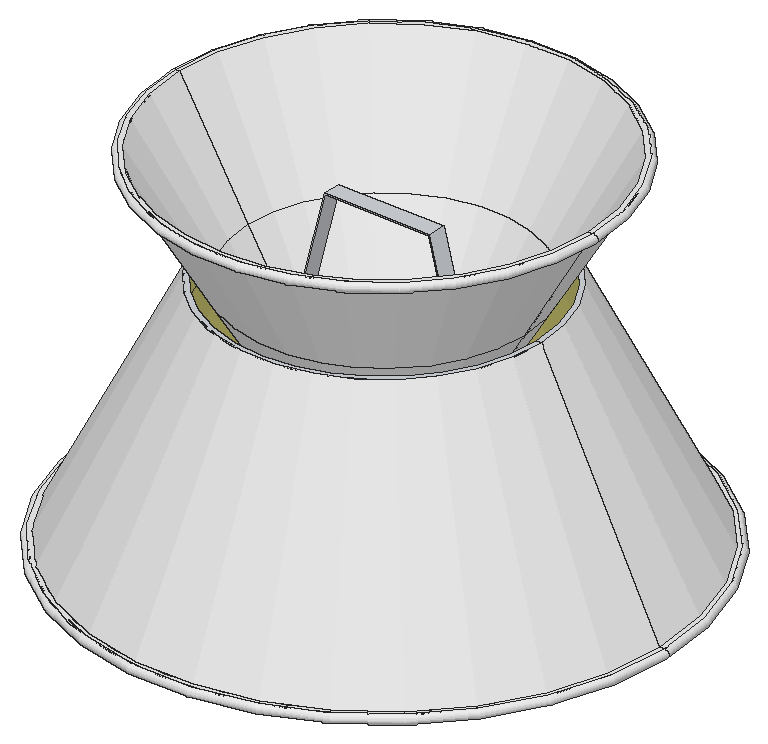
Revit family "UDC16 SHADE", category Lighting Fixtures, Revit 2024
Family settings
  Round Connector Dimension = Use Diameter
  Part Type = Normal
  OmniClass Number = 23.80.70.00
  OmniClass Title = Lighting
  Work Plane-Based = No
  Always vertical = Yes
  Cut with Voids When Loaded = No
  Light Source = Yes
  Maintain Annotation Orientation = No
  Shared = No
  Room Calculation Point = No
Parameters
  Wattage = 12.1178 W
  built-in parameter 1150110 = 1 (stored number, unit not read)
  built-in parameter 1114217 = 1 (stored number, unit not read)
  built-in parameter 1150109 = 1 (stored number, unit not read)
  built-in parameter 1150134 = (empty or 0)
  built-in parameter 1150113 = 1 (stored number, unit not read)
  Lumens = 1800 lm
  built-in parameter 1150115 = 1 (stored number, unit not read)
  built-in parameter 1150105 = 572.96 (stored number, unit not read)
  Light Source Symbol Size = 2' - 0"
  built-in parameter 1150137 = (empty or 0)
  built-in parameter 1150139 = (empty or 0)
  built-in parameter 1150112 = 1 (stored number, unit not read)
  built-in parameter 1150114 = 1 (stored number, unit not read)
  built-in parameter 1150132 = 2
  built-in parameter 1150102 = (empty or 0)
  built-in parameter 1150138 = (empty or 0)
  built-in parameter 1150107 = 3000 (stored number, unit not read)
  built-in parameter 1150106 = 5.7296 (stored number, unit not read)
  built-in parameter 1150104 = 13.8 (stored number, unit not read)
  Dimming Lamp Color Temperature Shift = (empty or 0)
  Default Elevation = 0' - 0"
  Color Filter = 16777215
  built-in parameter 1114218 = 1 (stored number, unit not read)
  built-in parameter 1150133 = 10 (stored number, unit not read)
Reference planes (in)
  plane 1 "Light Source Axis (F/B)": y = 0
  plane 2: z = 0
  plane 3 "Light Source Axis (L/R)": x = 0
  plane 4 "Light Source Elevation": z = 83.9312
Forms (in)
  Revolve 1, solid
    sketch origin (0, 0, 0) x (1, 0, 0) y (0, 0, 1)
      loop
        arc (-5.875, 94) -> (-6, 93.875) -> (-5.875, 93.75) r 0.125
        line (-5.875, 93.75) -> (-5.75, 93.75) -> (-3.93808, 90.75) -> (-2.64072, 88.60195) -> (-2.49469, 88.60195) -> (-3.83109, 90.81462) -> (-5.75496, 94) -> (-5.875, 94)
      loop
        arc (-7.875, 84.25) -> (-8, 84.125) -> (-7.875, 84) r 0.125
        line (-7.875, 84) -> (-7.73709, 84) -> (-7.63862, 84.19325) -> (-4.32671, 90.69325) -> (-4.29779, 90.75) -> (-4.43808, 90.75) -> (-7.75, 84.25) -> (-7.875, 84.25)
      loop
        line (-2.62054, 86.35) -> (-2.75, 86.35)
        arc (-2.75, 86.35) -> (-1.73625, 84.82131) -> (0, 84.22969) r 2.8435
        line (0, 84.22969) -> (0, 84.35469)
        arc (0, 84.35469) -> (-1.64685, 84.91029) -> (-2.62054, 86.35) r 2.7185
      axis (0, 84) -> (0, 94)
    angle from 0 to 360
  Sweep 2, solid
    path origin (0, 0, 0) x (1, 0, 0) y (0, 0, 1)
      loop
        line (-2.75, 89.23235) -> (-2.49135, 88.81843) -> (-2.40643, 88.81843) -> (-1.44593, 92.49843) -> (1.44593, 92.49843) -> (2.40643, 88.81843) -> (2.49135, 88.81843) -> (2.75, 89.23235)
    profile origin (-2.62067, 0, 89.02539) x (0.848048, 0, 0.529919) y (0, -1, 0)
      loop
        line (0.04162, 0) -> (0.04162, 0.25) -> (0, 0.25) -> (0, -0.25) -> (0.04162, -0.25) -> (0.04162, 0)
Dimensions and locks (in)
  aligned and locked: plane 3 "Light Source Axis (L/R)" to imposter light
  aligned and locked: plane 4 "Light Source Elevation" to imposter light
  aligned and locked: level to plane 2
